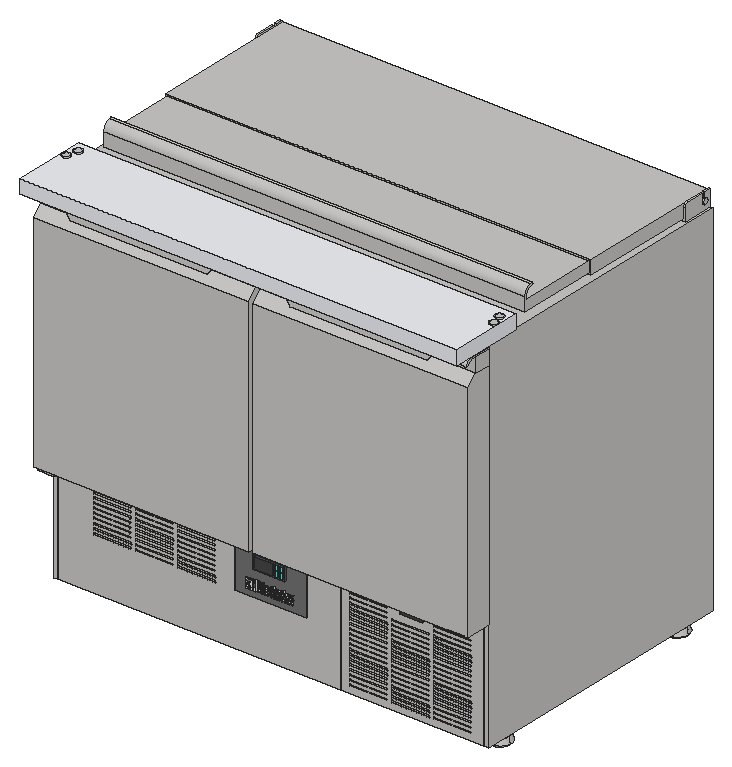
Revit family "QF_ELECTROLUXPROFESSIONAL_725107_SAL25L2C9", category Attrezzature speciali, Revit 2021 (continued)
Definition of nested family "HORIZREF_ELX_DISPLAY"
  Forms (mm)
    Extrusion 3, solid
      sketch origin (-117.256, -247.111, 0) x (1, 0, 0) y (0, 1, 0)
        loop
          line (92.767, 215.445) -> (91.809, 215.445) -> (91.809, 214.378) -> (92.767, 214.378)
        loop
          line (99.067, 216.284) -> (97.391, 216.284) -> (97.391, 212.134) -> (98.293, 212.134) -> (98.293, 213.563) -> (99.165, 213.563) -> (99.762, 212.134) -> (100.731, 212.134) -> (99.915, 213.884)
          arc (99.915, 213.884) -> (100.306, 214.351) -> (100.437, 214.946) r 1.281
          arc (100.437, 214.946) -> (100.025, 215.894) -> (99.067, 216.284) r 1.37
        loop
          line (98.293, 215.445) -> (98.293, 214.378) -> (99.25, 214.378)
          arc (99.25, 214.378) -> (99.592, 214.912) -> (99.25, 215.445) r 0.587
          line (99.25, 215.445) -> (98.293, 215.445)
        loop
          circle (106.029, 214.209) r 2.156
        loop
          circle (106.029, 214.209) r 1.368
        loop
          line (111.728, 216.284) -> (111.728, 212.134) -> (112.608, 212.134) -> (112.608, 213.584) -> (114.17, 213.584) -> (114.17, 214.514) -> (112.608, 214.514) -> (112.608, 215.39) -> (114.32, 215.39) -> (114.32, 216.284) -> (111.728, 216.284)
        loop
          line (117.82, 216.284) -> (117.82, 213.482)
          arc (117.82, 213.482) -> (118.202, 212.532) -> (119.147, 212.137) r 1.327
          line (119.147, 212.137) -> (120.486, 212.137) -> (120.486, 212.921) -> (119.227, 212.921)
          arc (119.227, 212.921) -> (118.763, 213.304) -> (118.672, 213.899) r 0.845
          line (118.672, 213.899) -> (120.331, 213.899) -> (120.331, 214.683) -> (118.672, 214.683) -> (118.672, 215.5) -> (120.446, 215.5) -> (120.446, 216.284) -> (117.82, 216.284)
        loop
          arc (132.848, 215.758) -> (132.298, 216.209) -> (131.602, 216.353) r 1.485
          arc (131.602, 216.353) -> (130.959, 216.195) -> (130.43, 215.796) r 1.645
          arc (130.43, 215.796) -> (130.333, 214.854) -> (130.941, 214.127) r 1.217
          arc (130.941, 214.127) -> (131.452, 213.957) -> (131.937, 213.722) r 4.201
          arc (131.937, 213.722) -> (132.243, 213.361) -> (132.032, 212.937) r 0.43
          arc (132.032, 212.937) -> (131.64, 212.845) -> (131.25, 212.944) r 0.846
          arc (131.25, 212.944) -> (130.912, 213.187) -> (130.706, 213.548) r 0.983
          line (130.706, 213.548) -> (129.98, 213.209)
          arc (129.98, 213.209) -> (130.241, 212.705) -> (130.663, 212.324) r 1.595
          arc (130.663, 212.324) -> (131.141, 212.12) -> (131.658, 212.068) r 1.719
          arc (131.658, 212.068) -> (132.297, 212.196) -> (132.873, 212.501) r 2.246
          arc (132.873, 212.501) -> (133.128, 213.178) -> (132.996, 213.889) r 1.349
          arc (132.996, 213.889) -> (132.713, 214.216) -> (132.35, 214.453) r 1.564
          arc (132.35, 214.453) -> (131.891, 214.658) -> (131.421, 214.834) r 8.236
          arc (131.421, 214.834) -> (131.149, 215.257) -> (131.542, 215.57) r 0.375
          arc (131.542, 215.57) -> (132.012, 215.457) -> (132.374, 215.136) r 0.998
          line (132.374, 215.136) -> (132.848, 215.758)
        loop
          line (136.655, 216.284) -> (136.655, 212.137) -> (137.508, 212.137) -> (137.508, 216.284) -> (136.655, 216.284)
        loop
          circle (143.258, 214.21) r 1.29
        loop
          circle (143.258, 214.21) r 2.154
        loop
          line (148.978, 212.137) -> (149.84, 212.137) -> (149.84, 214.744) -> (151.737, 212.137) -> (152.566, 212.137) -> (152.566, 216.284) -> (151.705, 216.284) -> (151.705, 213.597) -> (149.808, 216.284) -> (148.978, 216.284) -> (148.978, 212.137)
        loop
          line (156.866, 212.137) -> (157.27, 213.031) -> (158.804, 213.031) -> (159.207, 212.137) -> (160.124, 212.137) -> (158.372, 216.284) -> (157.572, 216.284) -> (155.95, 212.137) -> (156.866, 212.137)
        loop
          line (158.421, 213.882) -> (158.01, 214.793) -> (157.611, 213.882) -> (158.421, 213.882)
        loop
          line (164.359, 212.921) -> (164.359, 216.284) -> (163.507, 216.284) -> (163.507, 212.137) -> (165.954, 212.137) -> (165.954, 212.921) -> (164.359, 212.921)
        loop
          arc (126.63, 215.758) -> (126.081, 216.209) -> (125.384, 216.353) r 1.485
          arc (125.384, 216.353) -> (124.742, 216.195) -> (124.213, 215.796) r 1.645
          arc (124.213, 215.796) -> (124.115, 214.854) -> (124.723, 214.127) r 1.217
          arc (124.723, 214.127) -> (125.234, 213.957) -> (125.719, 213.722) r 4.201
          arc (125.719, 213.722) -> (126.026, 213.361) -> (125.815, 212.937) r 0.43
          arc (125.815, 212.937) -> (125.422, 212.845) -> (125.032, 212.944) r 0.846
          arc (125.032, 212.944) -> (124.695, 213.187) -> (124.488, 213.548) r 0.983
          line (124.488, 213.548) -> (123.763, 213.209)
          arc (123.763, 213.209) -> (124.024, 212.705) -> (124.446, 212.324) r 1.595
          arc (124.446, 212.324) -> (124.923, 212.12) -> (125.441, 212.068) r 1.719
          arc (125.441, 212.068) -> (126.08, 212.196) -> (126.656, 212.501) r 2.246
          arc (126.656, 212.501) -> (126.91, 213.178) -> (126.779, 213.889) r 1.349
          arc (126.779, 213.889) -> (126.495, 214.216) -> (126.132, 214.453) r 1.564
          arc (126.132, 214.453) -> (125.674, 214.658) -> (125.203, 214.834) r 8.236
          arc (125.203, 214.834) -> (124.931, 215.257) -> (125.324, 215.57) r 0.375
          arc (125.324, 215.57) -> (125.795, 215.457) -> (126.156, 215.136) r 0.998
          line (126.156, 215.136) -> (126.63, 215.758)
      from 2 to 3.6
    Extrusion 4, solid
      sketch origin (0, -268.882, 0) x (1, 0, 0) y (0, 1, 0)
        loop
          line (-38.5, 303.882) -> (-38.5, 274.364) -> (31.5, 274.364) -> (31.5, 303.882) -> (-38.5, 303.882)
        loop
          line (-78, 218.882) -> (78, 218.882) -> (78, 318.882) -> (53, 318.882) -> (40, 313.882) -> (-40, 313.882) -> (-53, 318.882) -> (-78, 318.882) -> (-78, 218.882)
      from 0 to 2
    Extrusion 5, solid
      sketch origin (0, -270.882, 0) x (1, 0, 0) y (0, 1, 0)
        loop
          line (-78, 325.882) -> (-78, 320.882) -> (-53, 320.882) -> (-40, 315.882) -> (40, 315.882) -> (53, 320.882) -> (78, 320.882) -> (78, 325.882) -> (-78, 325.882)
      from 0 to 2
    Extrusion 6, solid
      sketch origin (0, -270.882, 0) x (1, 0, 0) y (0, 1, 0)
        loop
          line (-38.5, 305.882) -> (-38.5, 276.364) -> (31.5, 276.364) -> (31.5, 305.882) -> (-38.5, 305.882)
        loop
          line (9.5, 302.882) -> (9.5, 291.882) -> (17.5, 291.882) -> (17.5, 302.882) -> (9.5, 302.882)
        loop
          line (20.512, 302.882) -> (20.512, 291.882) -> (28.512, 291.882) -> (28.512, 302.882) -> (20.512, 302.882)
        loop
          line (20.512, 290.364) -> (20.512, 279.364) -> (28.512, 279.364) -> (28.512, 290.364) -> (20.512, 290.364)
        loop
          line (9.5, 290.364) -> (9.5, 279.364) -> (17.5, 279.364) -> (17.5, 290.364) -> (9.5, 290.364)
        loop
          line (-35.5, 302.882) -> (-35.5, 279.364) -> (6.075, 279.364) -> (6.075, 302.882) -> (-35.5, 302.882)
      from 0 to 4
    Extrusion 7, solid
      sketch origin (0, -270.882, 0) x (1, 0, 0) y (0, 1, 0)
        loop
          line (-35.5, 302.882) -> (-35.5, 279.364) -> (6.075, 279.364) -> (6.075, 302.882) -> (-35.5, 302.882)
      from 0 to 5
    Extrusion 8, solid
      sketch origin (0, -270.882, 0) x (1, 0, 0) y (0, 1, 0)
        loop
          line (9.5, 302.882) -> (9.5, 291.882) -> (17.5, 291.882) -> (17.5, 302.882) -> (9.5, 302.882)
        loop
          line (28.512, 291.882) -> (28.512, 302.882) -> (20.512, 302.882) -> (20.512, 291.882) -> (28.512, 291.882)
        loop
          line (9.5, 279.364) -> (17.5, 279.364) -> (17.5, 290.364) -> (9.5, 290.364) -> (9.5, 279.364)
        loop
          line (28.512, 279.364) -> (28.512, 290.364) -> (20.512, 290.364) -> (20.512, 279.364) -> (28.512, 279.364)
      from 0 to 4
  Dimensions and locks
    aligned and locked: plane 2 to Extrusion 1
    aligned and locked: level to Extrusion 1
Definition of nested family "HORIZREF_FEET20"
  Parameters
    Default Elevation = 0 mm
    FEET = 20 mm
  Reference planes
    plane 1 "Center (Front/Back)": y = 0
    plane 2: z = 0
    plane 3 "Center (Left/Right)": x = 0
    plane 4: z = 20
  Forms (mm)
    Revolve 1, solid
      sketch origin (255.05, 0, 608.09) x (0, 0, 1) y (-1, 0, 0)
        loop
          line (-608.09, 255.05) -> (-608.09, 233.546) -> (-605.676, 231.132) -> (-594.09, 235.349) -> (-594.09, 255.05) -> (-608.09, 255.05)
        axis (-608.09, 255.05) -> (-594.09, 255.05)
      angle from 0 to 360
    Revolve 2, solid
      sketch origin (255.05, 0, 608.09) x (0, 0, 1) y (-1, 0, 0)
        loop
          line (-594.09, 255.05) -> (-594.09, 245.05) -> (-588.09, 245.05) -> (-588.09, 255.05) -> (-594.09, 255.05)
        axis (-594.09, 255.05) -> (-588.09, 255.05)
      angle from 0 to 360
  Dimensions and locks
    "FEET": plane 4 to plane 2
    aligned and locked: level to plane 2
  Automatic sketch dimensions
    Revolve 1 sketch curve to level = 0 mm
    Revolve 1 sketch curve to plane 3 "Center (Left/Right)" = 0 mm  (x2)
    level to Revolve 1 sketch curve = 2.414 mm
    Revolve 1 sketch curve to plane 4 = 6 mm
    plane 3 "Center (Left/Right)" to Revolve 1 sketch curve = 19.701 mm
    Revolve 1 sketch curve to Revolve 1 sketch curve = 1.803 mm
    Revolve 1 sketch curve to Revolve 1 sketch curve = 2.414 mm
    plane 4 to Revolve 1 sketch curve = 50 mm
    Revolve 1 sketch curve to Revolve 1 sketch curve = 20 mm
    Revolve 2 sketch curve to plane 3 "Center (Left/Right)" = 0 mm  (x2)
    Revolve 2 sketch curve to plane 4 = 0 mm
    Revolve 2 sketch curve to plane 4 = 6 mm
    plane 3 "Center (Left/Right)" to Revolve 2 sketch curve = 10 mm
    Revolve 2 sketch curve to Revolve 2 sketch curve = 50 mm
    Revolve 2 sketch curve to Revolve 2 sketch curve = 20 mm
Definition of nested family "Refrigerator"
  Reference planes
    plane 1 "Center (Front/Back)": y = 0
    plane 2: z = 0
    plane 3 "Center (Left/Right)": x = 0
  Lines and regions (mm)
    detail lines, in view "Ref. Level"
      curve 1: spline (-500, 190, 0) -> (-493.185, 166.706, 0) -> (-473.205, 145, 0) -> (-441.421, 126.36, 0) -> (-400, 112.058, 0) -> (-351.764, 103.067, 0) -> (-300, 100, 0) -> (-248.236, 103.067, 0) -> (-200, 112.058, 0) -> (-158.579, 126.36, 0) -> (-126.795, 145, 0) -> (-106.815, 166.706, 0) -> (-100, 190, 0) -> (-106.815, 213.294, 0) -> (-126.795, 235, 0) -> (-158.579, 253.64, 0) -> (-200, 267.942, 0) -> (-248.236, 276.933, 0) -> (-300, 280, 0) -> (-351.764, 276.933, 0) -> (-400, 267.942, 0) -> (-441.421, 253.64, 0) -> (-473.205, 235, 0) -> (-493.185, 213.294, 0) -> (-500, 190, 0)
      curve 2: line (-300, 130, 0) -> (-300, 250, 0)
      curve 3: line (-351.962, 220, 0) -> (-248.038, 160, 0)
      curve 4: line (-351.962, 160, 0) -> (-248.038, 220, 0)
      curve 5: line (-280.884, 246.873, 0) -> (-300, 225, 0)
      curve 6: line (-300, 225, 0) -> (-319.116, 246.873, 0)
      curve 7: line (-330.311, 207.5, 0) -> (-339.696, 234.992, 0)
      curve 8: line (-358.812, 201.882, 0) -> (-330.311, 207.5, 0)
      curve 9: line (-330.311, 172.5, 0) -> (-358.812, 178.118, 0)
      curve 10: line (-339.696, 145.008, 0) -> (-330.311, 172.5, 0)
      curve 11: line (-300, 155, 0) -> (-319.116, 133.127, 0)
      curve 12: line (-280.884, 133.127, 0) -> (-300, 155, 0)
      curve 13: line (-269.689, 172.5, 0) -> (-260.304, 145.008, 0)
      curve 14: line (-241.188, 178.118, 0) -> (-269.689, 172.5, 0)
      curve 15: line (-269.689, 207.5, 0) -> (-241.188, 201.882, 0)
      curve 16: line (-260.304, 234.992, 0) -> (-269.689, 207.5, 0)
